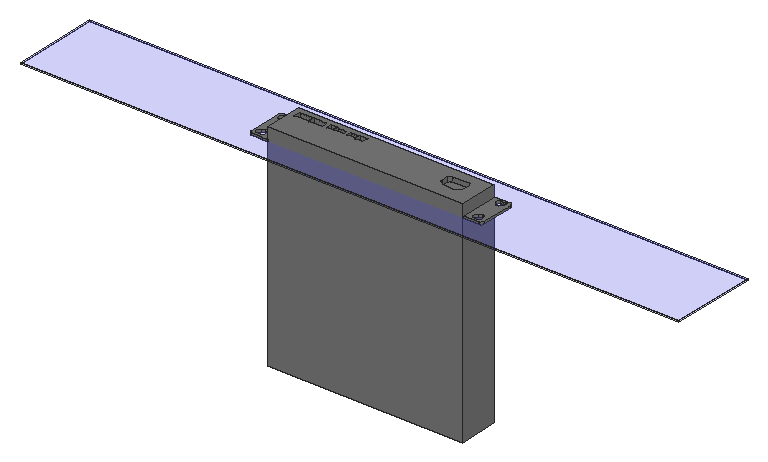
Revit family "QSC SPA2-200 Amplifier Rear Facing Rackmount", category Generic Models, host Face, Revit 2014
Parameters (values of type "SPA2-200 @ 100VAC")
  Width = 8.663"  # constant formula
  Weight Product (lb) = 4  # constant formula
  Weight Product (kg) = 1.4  # constant formula
  Weight Dimensional (lb) = 6.5  # constant formula
  Weight Dimensional (kg) = 2.5  # constant formula
  Voltage AC = "100-240 at 50-60 Hz"  # constant formula
  URL = "http://www.qsc.com/systems/products/power-amplifiers/energystar-amplifiers/spa-series/spa2-200/"
  Sustainability Rating = "Energy Star"  # constant formula
  Show Right Ear Short [instance] = yes
  Show Right Ear Long [instance] = no
  Show Left Ear Short [instance] = yes
  Show Left Ear Long [instance] = no
  Regulatory Compliance = "UL, CE, RoHS/WEEE, FCC Class B, UL 2043 with Plenum Kit Accessory"  # constant formula
  Product Page URL = "http://www.qsc.com/systems/products/power-amplifiers/energystar-amplifiers/spa-series/spa2-200/"
  Product Documentation Link = "http://www.qsc.com/resource-files/productresources/amp/spa/q_amp_spa_specs.pdf"
  Power Standby = 24  # constant formula
  Power Peak = 170
  Power Active = 130
  Model = "SPA2-200"  # constant formula
  Manufacturer URL = "http://www.qscaudio.com"
  Manufacturer = "QSC Audio Products, LLC"  # constant formula
  Height = 1.730"  # constant formula
  Heat Load Standby = 33  # constant formula
  Heat Load Active = 103  # constant formula
  Face Depth = 0.0788"
  Description = "2 Channel 200 Watt/Channel Amplifier"  # constant formula
  Depth = 9.48819"  # constant formula
  Default Elevation = 0.000"
  Current Draw = 1.7
  Enclosure Material [instance] = Dark Gray Finish
  Amp Only Width = 8.663"  # constant formula
Types (4): name | Power Peak | Power Active | Current Draw
  (no name) | 170 | 130 | 1.7
  SPA2-200 @ 100VAC | 170 | 130 | 1.7
  SPA2-200 @ 120VAC | 180 | 132 | 1.5
  SPA2-200 @ 230VAC | 184 | 184 | 0.8
Reference planes (in)
  plane 1 "Center (Front/Back)": y = 0
  plane 2: z = 0
  plane 3 "Center (Left/Right)": x = 0
  plane 4 "Left": x = -4.3315
  plane 5 "Right": x = 4.3315
  plane 6 "Top": y = 0.865
  plane 7 "Bottom": y = -0.865
  plane 8 "Back": z = -8.93019
  plane 9 "Right Extend Ear": x = 13.8135
  plane 10 "Left Extend Ear": x = -13.8135
  plane 11 "Left Short Ear": x = -5.1529
  plane 12 "Right Short Ear": x = 5.1529
  plane 13 "Front": z = 0.558
  plane 14: z = -4.18609
Forms (in)
  Extrusion 1, solid, material "Glass"
    sketch origin (0, 0, 0) x (1, 0, 0) y (0, 1, 0)
      loop
        line (-14.5, 1.9685) -> (-14.5, -1.88975) -> (14.73031, -1.88975) -> (14.73031, 1.9685) -> (-14.5, 1.9685)
    from 0 to -0.079
  Extrusion 2, solid, material "Dark Gray Finish" <- "Enclosure Material", visible <- "Show Left Ear Short"
    sketch origin (0, 0, 0) x (1, 0, 0) y (0, 1, 0)
      loop
        arc (-5.02784, 0.865) -> (-5.11623, 0.82839) -> (-5.1529, 0.74) r 0.125
        line (-5.1529, 0.74) -> (-5.15284, -0.74)
        arc (-5.15284, -0.74) -> (-5.11623, -0.82839) -> (-5.02784, -0.865) r 0.125
        line (-5.02784, -0.865) -> (-4.3315, -0.865) -> (-4.3315, 0.865) -> (-5.02784, 0.865)
      loop
        line (-4.7552, 0.76559) -> (-4.893, 0.76559)
        arc (-4.893, 0.76559) -> (-5.0266, 0.64002) -> (-4.90953, 0.4989) r 0.13386
        arc (-4.90953, 0.4989) -> (-4.8241, 0.41343) -> (-4.73867, 0.4989) r 0.08543
        arc (-4.73867, 0.4989) -> (-4.6216, 0.64002) -> (-4.7552, 0.76559) r 0.13386
      loop
        arc (-4.7552, -0.75213) -> (-4.6216, -0.62655) -> (-4.73867, -0.48543) r 0.13386
        arc (-4.73867, -0.48543) -> (-4.8241, -0.39996) -> (-4.90953, -0.48543) r 0.08543
        arc (-4.90953, -0.48543) -> (-5.0266, -0.62655) -> (-4.893, -0.75213) r 0.13386
        line (-4.893, -0.75213) -> (-4.7552, -0.75213)
    from 0 to 0.0788 <- "Face Depth"
  Extrusion 3, solid, material "Dark Gray Finish" <- "Enclosure Material", visible <- "Show Right Ear Short"
    sketch origin (0, 0, 0) x (-1, 0, 0) y (0, -1, 0)
      loop
        line (-5.02784, -0.865) -> (-4.3315, -0.865) -> (-4.3315, 0.865) -> (-5.02784, 0.865)
        arc (-5.02784, 0.865) -> (-5.11623, 0.82839) -> (-5.15284, 0.74) r 0.125
        line (-5.15284, 0.74) -> (-5.1529, -0.74)
        arc (-5.1529, -0.74) -> (-5.11623, -0.82839) -> (-5.02784, -0.865) r 0.125
      loop
        arc (-4.7552, -0.76559) -> (-4.6216, -0.64002) -> (-4.73867, -0.4989) r 0.13386
        arc (-4.73867, -0.4989) -> (-4.8241, -0.41343) -> (-4.90953, -0.4989) r 0.08543
        arc (-4.90953, -0.4989) -> (-5.0266, -0.64002) -> (-4.893, -0.76559) r 0.13386
        line (-4.893, -0.76559) -> (-4.7552, -0.76559)
      loop
        line (-4.7552, 0.75213) -> (-4.893, 0.75213)
        arc (-4.893, 0.75213) -> (-5.0266, 0.62655) -> (-4.90953, 0.48543) r 0.13386
        arc (-4.90953, 0.48543) -> (-4.8241, 0.39996) -> (-4.73867, 0.48543) r 0.08543
        arc (-4.73867, 0.48543) -> (-4.6216, 0.62655) -> (-4.7552, 0.75213) r 0.13386
    from 0 to 0.0788 <- "Face Depth"
  Extrusion 4, solid, material "Dark Gray Finish" <- "Enclosure Material", visible <- "Show Right Ear Long"
    sketch origin (0, 0, 0) x (-1, 0, 0) y (0, -1, 0)
      loop
        arc (-13.55582, -0.49787) -> (-13.68968, -0.63173) -> (-13.55582, -0.76559) r 0.13386
        line (-13.55582, -0.76559) -> (-13.41803, -0.76559)
        arc (-13.41803, -0.76559) -> (-13.28417, -0.63173) -> (-13.41803, -0.49787) r 0.13386
        line (-13.41803, -0.49787) -> (-13.55582, -0.49787)
      loop
        arc (-13.55582, 0.75213) -> (-13.68968, 0.61827) -> (-13.55582, 0.48441) r 0.13386
        line (-13.55582, 0.48441) -> (-13.41803, 0.48441)
        arc (-13.41803, 0.48441) -> (-13.28417, 0.61827) -> (-13.41803, 0.75213) r 0.13386
        line (-13.41803, 0.75213) -> (-13.55582, 0.75213)
      loop
        line (-13.8135, 0.74) -> (-13.8135, -0.74)
        arc (-13.8135, -0.74) -> (-13.77689, -0.82839) -> (-13.6885, -0.865) r 0.125
        line (-13.6885, -0.865) -> (-4.3315, -0.865) -> (-4.3315, 0.865) -> (-13.6885, 0.865)
        arc (-13.6885, 0.865) -> (-13.77689, 0.82839) -> (-13.8135, 0.74) r 0.125
    from 0 to 0.0788 <- "Face Depth"
  Extrusion 5, solid, material "Dark Gray Finish" <- "Enclosure Material", visible <- "Show Left Ear Long"
    sketch origin (0, 0, 0) x (1, 0, 0) y (0, 1, 0)
      loop
        line (-13.55582, 0.49787) -> (-13.41803, 0.49787)
        arc (-13.41803, 0.49787) -> (-13.28417, 0.63173) -> (-13.41803, 0.76559) r 0.13386
        line (-13.41803, 0.76559) -> (-13.55582, 0.76559)
        arc (-13.55582, 0.76559) -> (-13.68968, 0.63173) -> (-13.55582, 0.49787) r 0.13386
      loop
        line (-13.55582, -0.75213) -> (-13.41803, -0.75213)
        arc (-13.41803, -0.75213) -> (-13.28417, -0.61827) -> (-13.41803, -0.48441) r 0.13386
        line (-13.41803, -0.48441) -> (-13.55582, -0.48441)
        arc (-13.55582, -0.48441) -> (-13.68968, -0.61827) -> (-13.55582, -0.75213) r 0.13386
      loop
        arc (-13.8135, -0.74) -> (-13.77689, -0.82839) -> (-13.6885, -0.865) r 0.125
        line (-13.6885, -0.865) -> (-4.3315, -0.865) -> (-4.3315, 0.865) -> (-13.6885, 0.865)
        arc (-13.6885, 0.865) -> (-13.77689, 0.82839) -> (-13.8135, 0.74) r 0.125
        line (-13.8135, 0.74) -> (-13.8135, -0.74)
    from 0 to 0.0788 <- "Face Depth"
  Extrusion 6, solid, material "Dark Gray Finish" <- "Enclosure Material"
    sketch origin (0, -0.865, -9.33059) x (-1, 0, 0) y (0, 0, 1)
      loop
        line (4.3315, 0.4004) -> (4.3315, 9.88859) -> (-4.3315, 9.88859) -> (-4.3315, 0.4004) -> (4.3315, 0.4004)
    from 0 to 1.73 <- "Height"
  Extrusion 7, void
    sketch origin (-16.617, -180, 0.558) x (0, -1, 0) y (-1, 0, 0)
      loop
        line (-180.64625, -12.48598) -> (-180.64625, -13.09621) -> (-180.33317, -13.09621) -> (-180.33317, -12.48598) -> (-180.64625, -12.48598)
      loop
        line (-180.33317, -13.74582) -> (-180.33317, -13.13558) -> (-180.64625, -13.13558) -> (-180.64625, -13.74582) -> (-180.33317, -13.74582)
      loop
        line (-180.40133, -13.88153) -> (-180.63567, -13.88153) -> (-180.63567, -14.14216) -> (-180.40133, -14.14216) -> (-180.40133, -13.88153)
      loop
        line (-180.63567, -14.62956) -> (-180.40133, -14.62956) -> (-180.40133, -14.18153) -> (-180.63567, -14.18153) -> (-180.63567, -14.62956)
      loop
        line (-180.40133, -14.7585) -> (-180.63567, -14.7585) -> (-180.63567, -15.11283) -> (-180.40133, -15.11283) -> (-180.40133, -14.7585)
      loop
        line (-180.63567, -15.50653) -> (-180.40133, -15.50653) -> (-180.40133, -15.1522) -> (-180.63567, -15.1522) -> (-180.63567, -15.50653)
      loop
        line (-180.39444, -19.45244) -> (-180.39444, -20.20139)
        arc (-180.39444, -20.20139) -> (-180.36012, -20.28426) -> (-180.27725, -20.31858) r 0.11719
        line (-180.27725, -20.31858) -> (-179.95436, -20.31858)
        arc (-179.95436, -20.31858) -> (-179.92446, -20.31263) -> (-179.89912, -20.2957) r 0.07813
        line (-179.89912, -20.2957) -> (-179.74803, -20.14461)
        arc (-179.74803, -20.14461) -> (-179.73109, -20.11927) -> (-179.72515, -20.08937) r 0.07813
        line (-179.72515, -20.08937) -> (-179.72515, -19.56354)
        arc (-179.72515, -19.56354) -> (-179.73109, -19.53364) -> (-179.74803, -19.5083) r 0.07813
        line (-179.74803, -19.5083) -> (-179.89912, -19.35721)
        arc (-179.89912, -19.35721) -> (-179.92446, -19.34028) -> (-179.95436, -19.33433) r 0.07813
        line (-179.95436, -19.33433) -> (-180.27633, -19.33433)
        arc (-180.27633, -19.33433) -> (-180.35985, -19.36892) -> (-180.39444, -19.45244) r 0.11811
    from 0 to 0.19685
  Extrusion 8, void
    sketch origin (0, 0, -8.93019) x (1, 0, 0) y (0, 1, 0)
      loop
        line (-0.1475, 0.55192) -> (-3.85217, 0.55192)
        arc (-3.85217, 0.55192) -> (-3.96265, 0.50615) -> (-4.00842, 0.39567) r 0.15625
        line (-4.00842, 0.39567) -> (-4.00842, 0.03888)
        arc (-4.00842, 0.03888) -> (-3.96265, -0.07161) -> (-3.85217, -0.11737) r 0.15625
        line (-3.85217, -0.11737) -> (-0.1475, -0.11737)
        arc (-0.1475, -0.11737) -> (-0.03701, -0.07161) -> (0.00875, 0.03888) r 0.15625
        line (0.00875, 0.03888) -> (0.00875, 0.39567)
        arc (0.00875, 0.39567) -> (-0.03701, 0.50615) -> (-0.1475, 0.55192) r 0.15625
    from 0 to 0.079
Cuts and joins
  Extrusion 7, Extrusion 8 cuts Extrusion 6
Lines and regions (in)
  model lines, style "GenericModel", not visible, detail levels fine
    curve 1: line (13.55599, -1.01274, 0.03125) -> (13.46873, -0.89778, 0.03125)
    curve 2: line (13.46873, -0.89778, 0.03125) -> (13.55599, -1.01274, 0.03125)
    curve 3: line (13.15237, -0.99839, 0.03125) -> (13.18534, -0.8798, 0.03125)
    curve 4: line (13.18534, -0.8798, 0.03125) -> (13.15237, -0.99839, 0.03125)
    curve 5: line (13.20744, -1.07691, 0.03125) -> (13.18283, -0.85745, 0.03125)
    curve 6: line (13.18283, -0.85745, 0.03125) -> (13.20744, -1.07691, 0.03125)
    curve 7: line (13.67283, -0.92336, 0.03125) -> (13.75064, -0.98053, 0.03125)
    curve 8: line (13.75064, -0.98053, 0.03125) -> (13.67283, -0.92336, 0.03125)
    curve 17: line (-3.35339, 0.42119, 0) -> (-3.44988, 0.54832, 0)
    curve 18: line (-3.44988, 0.54832, 0) -> (-3.35339, 0.42119, 0)
    curve 19: line (-3.7997, 0.43707, 0) -> (-3.76325, 0.5682, 0)
    curve 20: line (-3.76325, 0.5682, 0) -> (-3.7997, 0.43707, 0)
    curve 21: line (-3.73881, 0.35024, 0) -> (-3.76602, 0.59291, 0)
    curve 22: line (-3.76602, 0.59291, 0) -> (-3.73881, 0.35024, 0)
    curve 23: line (-3.22419, 0.52002, 0) -> (-3.13815, 0.45681, 0)
    curve 24: line (-3.13815, 0.45681, 0) -> (-3.22419, 0.52002, 0)
    curve 29: line (0.11657, 3.50981, -0.4004) -> (0.02008, 3.63693, -0.4004)
    curve 30: line (0.02008, 3.63693, -0.4004) -> (0.11657, 3.50981, -0.4004)
    curve 31: line (-0.32975, 3.52568, -0.4004) -> (-0.29329, 3.65681, -0.4004)
    curve 32: line (-0.29329, 3.65681, -0.4004) -> (-0.32975, 3.52568, -0.4004)
    curve 33: line (-0.26886, 3.43885, -0.4004) -> (-0.29607, 3.68153, -0.4004)
    curve 34: line (-0.29607, 3.68153, -0.4004) -> (-0.26886, 3.43885, -0.4004)
    curve 35: line (0.24577, 3.60864, -0.4004) -> (0.33181, 3.54542, -0.4004)
    curve 36: line (0.33181, 3.54542, -0.4004) -> (0.24577, 3.60864, -0.4004)
    curve 37: line (-3.35339, 0.42119, -8.93019) -> (-3.44988, 0.54832, -8.93019)
    curve 38: line (-3.44988, 0.54832, -8.93019) -> (-3.35339, 0.42119, -8.93019)
    curve 39: line (-3.7997, 0.43707, -8.93019) -> (-3.76325, 0.5682, -8.93019)
    curve 40: line (-3.76325, 0.5682, -8.93019) -> (-3.7997, 0.43707, -8.93019)
    curve 41: line (-3.73881, 0.35024, -8.93019) -> (-3.76602, 0.59291, -8.93019)
    curve 42: line (-3.76602, 0.59291, -8.93019) -> (-3.73881, 0.35024, -8.93019)
    curve 43: line (-3.22419, 0.52002, -8.93019) -> (-3.13815, 0.45681, -8.93019)
    curve 44: line (-3.13815, 0.45681, -8.93019) -> (-3.22419, 0.52002, -8.93019)
  model lines, not visible
    curve 9: arc (-4.09496, -0.0625, 1.79211) -> (-3.79966, 0.2328, 1.79211) -> (-3.50436, -0.0625, 1.79211) r 0.2953
    curve 10: arc (-3.50436, -0.0625, 1.79211) -> (-3.79966, -0.3578, 1.79211) -> (-4.09496, -0.0625, 1.79211) r 0.2953
    curve 11: arc (2.90932, 0.1875, 1.79211) -> (3.51952, 0.7977, 1.79211) -> (4.12972, 0.1875, 1.79211) r 0.6102
    curve 12: arc (4.12972, 0.1875, 1.79211) -> (3.51952, -0.4227, 1.79211) -> (2.90932, 0.1875, 1.79211) r 0.6102
    curve 13: line (2.1373, 0.9632, 1.79211) -> (2.1373, -0.8138, 1.79211)
    curve 14: line (2.1373, -0.8138, 1.79211) -> (-0.6525, -0.8138, 1.79211)
    curve 15: line (-0.6525, -0.8138, 1.79211) -> (-0.6525, 0.9632, 1.79211)
    curve 16: line (-0.6525, 0.9632, 1.79211) -> (2.1373, 0.9632, 1.79211)
    curve 25: line (-0.04, 0.55192, 0) -> (3.97575, 0.55192, 0)
    curve 26: line (-0.04, -0.11737, 0) -> (-0.04, 0.55192, 0)
    curve 27: line (3.97575, -0.11737, 0) -> (-0.04, -0.11737, 0)
    curve 28: line (3.97575, 0.55192, 0) -> (3.97575, -0.11737, 0)
  model lines, style "GenericModel", detail levels fine
    curve 45: line (3.29089, 0.35869, -8.93019) -> (3.38738, 0.48582, -8.93019)
    curve 46: line (3.38738, 0.48582, -8.93019) -> (3.29089, 0.35869, -8.93019)
    curve 47: line (3.7372, 0.37457, -8.93019) -> (3.70075, 0.5057, -8.93019)
    curve 48: line (3.70075, 0.5057, -8.93019) -> (3.7372, 0.37457, -8.93019)
    curve 49: line (3.67631, 0.28774, -8.93019) -> (3.70352, 0.53041, -8.93019)
    curve 50: line (3.70352, 0.53041, -8.93019) -> (3.67631, 0.28774, -8.93019)
    curve 51: line (3.16169, 0.45752, -8.93019) -> (3.07565, 0.39431, -8.93019)
    curve 52: line (3.07565, 0.39431, -8.93019) -> (3.16169, 0.45752, -8.93019)
Dimensions and locks (in)
  equal spacing: plane 6 "Top", plane 1 "Center (Front/Back)", plane 7 "Bottom"
  "Height": plane 6 "Top" to plane 7 "Bottom"
  equal spacing: plane 4 "Left", plane 3 "Center (Left/Right)", plane 5 "Right"
  "Width": plane 4 "Left" to plane 5 "Right"
  plane 4 "Left" to plane 5 "Right" = 8.663"
  plane 5 "Right" to plane 9 "Right Extend Ear" = 9.482"
  plane 10 "Left Extend Ear" to plane 4 "Left" = 9.482"
  plane 11 "Left Short Ear" to plane 4 "Left" = 0.8214"
  plane 5 "Right" to plane 12 "Right Short Ear" = 0.8214"
  equal spacing: plane 13 "Front", plane 14, plane 8 "Back"
  plane 13 "Front" to plane 2 = 0.558"
  "Depth": plane 13 "Front" to plane 8 "Back"
  aligned and locked: plane 2 to Extrusion 1
  aligned and locked: level to Extrusion 1
  aligned and locked: Extrusion 2 sketch curve to plane 6 "Top"
  aligned and locked: plane 11 "Left Short Ear" to Extrusion 2 sketch curve
  aligned and locked: plane 9 "Right Extend Ear" to Extrusion 4 sketch curve
  aligned and locked: Extrusion 4 sketch curve to plane 7 "Bottom"
  aligned and locked: Extrusion 4 sketch curve to plane 6 "Top"
Automatic sketch dimensions
  curve 26 to curve 27 = 4.01575"
  curve 27 to curve 25 = 0.66929"
  curve 23 to curve 24 = 0.000"  (x3)
  curve 24 to curve 23 = 0.08604"
  curve 18 to curve 23 = 0.1292"
  curve 17 to curve 18 = 0.000"  (x2)
  curve 17 to curve 18 = 0.09649"
  curve 18 to curve 17 = 0.000"  (x2)
  curve 21 to curve 17 = 0.28894"
  curve 22 to curve 21 = 0.000"  (x2)
  curve 20 to curve 21 = 0.02444"
  curve 19 to curve 20 = 0.000"  (x2)
  curve 22 to curve 19 = 0.00277"
  curve 21 to curve 22 = 0.000"  (x2)
  curve 19 to curve 21 = 0.06089"
  curve 20 to curve 19 = 0.000"
  curve 22 to curve 18 = 0.07095"
  curve 21 to curve 20 = 0.08683"
  curve 17 to curve 23 = 0.03562"
  curve 24 to curve 23 = 0.000"
  curve 23 to curve 24 = 0.06321"
  curve 18 to curve 17 = 0.12712"
  curve 20 to curve 20 = 0.13113"
  curve 24 to curve 25 = 3.09814"
  curve 22 to curve 25 = 0.20168"
  curve 33 to curve 34 = 0.000"  (x2)
  curve 29 to curve 33 = 0.38542"
  curve 30 to curve 29 = 0.000"  (x3)
  curve 33 to curve 32 = 0.06089"
  curve 31 to curve 32 = 0.000"  (x3)
  curve 35 to curve 29 = 0.21524"
  curve 36 to curve 35 = 0.000"  (x2)
  curve 35 to curve 35 = 0.08604"
  curve 29 to curve 29 = 0.09649"
  curve 31 to curve 34 = 0.00277"
  curve 31 to curve 33 = 0.15585"
  curve 34 to curve 33 = 0.000"  (x2)
  curve 31 to curve 33 = 0.02471"
  curve 32 to curve 31 = 0.000"
  curve 33 to curve 31 = 0.08683"
  curve 30 to curve 31 = 0.01989"
  curve 29 to curve 30 = 0.000"
  curve 29 to curve 29 = 0.12712"
  curve 29 to curve 36 = 0.09883"
  curve 35 to curve 36 = 0.000"  (x2)
  curve 36 to curve 35 = 0.06321"
  curve 43 to curve 44 = 0.000"
  curve 43 to curve 43 = 0.08604"
  curve 44 to curve 43 = 0.000"  (x3)
  curve 43 to curve 38 = 0.1292"
  curve 37 to curve 38 = 0.000"  (x3)
  curve 38 to curve 37 = 0.09649"
  curve 38 to curve 37 = 0.000"
  curve 37 to curve 42 = 0.28894"
  curve 41 to curve 42 = 0.000"  (x2)
  curve 41 to curve 40 = 0.02444"
  curve 39 to curve 40 = 0.000"  (x2)
  curve 39 to curve 41 = 0.00277"
  curve 42 to curve 41 = 0.000"  (x2)
  curve 41 to curve 40 = 0.06089"
  curve 42 to curve 40 = 0.02471"
  curve 39 to curve 38 = 0.01989"
  curve 37 to curve 43 = 0.02829"
  curve 44 to curve 43 = 0.06321"
  curve 40 to curve 39 = 0.000"
  curve 37 to curve 38 = 0.12712"
  curve 39 to curve 41 = 0.08683"
  curve 51 to curve 52 = 0.000"
  curve 51 to curve 51 = 0.08604"
  curve 52 to curve 51 = 0.000"  (x3)
  curve 51 to curve 46 = 0.1292"
  curve 45 to curve 46 = 0.000"  (x3)
  curve 46 to curve 45 = 0.09649"
  curve 46 to curve 45 = 0.000"
  curve 45 to curve 50 = 0.28894"
  curve 49 to curve 50 = 0.000"  (x2)
  curve 49 to curve 48 = 0.02444"
  curve 47 to curve 48 = 0.000"  (x2)
  curve 47 to curve 49 = 0.00277"
  curve 50 to curve 49 = 0.000"  (x2)
  curve 49 to curve 48 = 0.06089"
  curve 48 to curve 50 = 0.02471"
  curve 46 to curve 47 = 0.01989"
  curve 51 to curve 45 = 0.02829"
  curve 51 to curve 52 = 0.06321"
  curve 48 to curve 47 = 0.000"
  curve 46 to curve 45 = 0.12712"
  curve 49 to curve 47 = 0.08683"
  Extrusion 1 sketch curve to Extrusion 1 sketch curve = 29.23031"
  Extrusion 1 sketch curve to Extrusion 1 sketch curve = 3.85825"
  Extrusion 2 sketch curve to plane 7 "Bottom" = 0.000"
  Extrusion 2 sketch curve to plane 4 "Left" = 0.000"
  plane 11 "Left Short Ear" to Extrusion 2 sketch curve = 0.12506"  (x2)
  Extrusion 2 sketch curve to Extrusion 2 sketch curve = 0.13484"  (x2)
  Extrusion 2 sketch curve to Extrusion 2 sketch curve = 0.0689"  (x2)
  Extrusion 2 sketch curve to Extrusion 2 sketch curve = 0.1378"  (x2)
  plane 7 "Bottom" to Extrusion 2 sketch curve = 0.11287"
  plane 7 "Bottom" to Extrusion 2 sketch curve = 0.125"
  Extrusion 2 sketch curve to Extrusion 2 sketch curve = 0.13386"  (x2)
  Extrusion 2 sketch curve to Extrusion 2 sketch curve = 0.13287"  (x2)
  Extrusion 2 sketch curve to plane 6 "Top" = 0.36614"
  Extrusion 2 sketch curve to Extrusion 2 sketch curve = 0.000"  (x3)
  Extrusion 2 sketch curve to Extrusion 2 sketch curve = 0.125"
  Extrusion 2 sketch curve to plane 6 "Top" = 0.09941"
  Extrusion 2 sketch curve to Extrusion 2 sketch curve = 0.08543"  (x2)
  Extrusion 3 sketch curve to plane 12 "Right Short Ear" = 0.000"
  Extrusion 3 sketch curve to plane 7 "Bottom" = 0.000"
  Extrusion 3 sketch curve to plane 6 "Top" = 0.000"
  Extrusion 3 sketch curve to plane 5 "Right" = 0.000"
  plane 12 "Right Short Ear" to Extrusion 3 sketch curve = 0.12506"  (x2)
  Extrusion 3 sketch curve to Extrusion 3 sketch curve = 0.13484"  (x2)
  Extrusion 3 sketch curve to Extrusion 3 sketch curve = 0.0689"  (x2)
  Extrusion 3 sketch curve to Extrusion 3 sketch curve = 0.1378"  (x2)
  Extrusion 3 sketch curve to plane 7 "Bottom" = 0.11287"
  Extrusion 3 sketch curve to Extrusion 3 sketch curve = 0.125"
  Extrusion 3 sketch curve to Extrusion 3 sketch curve = 0.13386"  (x2)
  Extrusion 3 sketch curve to Extrusion 3 sketch curve = 0.13287"  (x2)
  plane 6 "Top" to Extrusion 3 sketch curve = 0.36614"
  Extrusion 3 sketch curve to Extrusion 3 sketch curve = 0.000"  (x3)
  plane 6 "Top" to Extrusion 3 sketch curve = 0.125"
  plane 6 "Top" to Extrusion 3 sketch curve = 0.09941"
  Extrusion 3 sketch curve to Extrusion 3 sketch curve = 0.08543"  (x2)
  Extrusion 4 sketch curve to plane 5 "Right" = 0.000"
  plane 9 "Right Extend Ear" to Extrusion 4 sketch curve = 0.125"
  Extrusion 4 sketch curve to Extrusion 4 sketch curve = 0.125"
  Extrusion 4 sketch curve to Extrusion 4 sketch curve = 0.13268"  (x2)
  Extrusion 4 sketch curve to Extrusion 4 sketch curve = 0.1378"  (x2)
  Extrusion 4 sketch curve to plane 7 "Bottom" = 0.11287"
  Extrusion 4 sketch curve to Extrusion 4 sketch curve = 0.13386"  (x2)
  Extrusion 4 sketch curve to Extrusion 4 sketch curve = 0.24213"
  Extrusion 5 sketch curve to plane 10 "Left Extend Ear" = 0.000"
  Extrusion 5 sketch curve to plane 6 "Top" = 0.000"
  Extrusion 5 sketch curve to plane 7 "Bottom" = 0.000"
  Extrusion 5 sketch curve to plane 4 "Left" = 0.000"
  plane 10 "Left Extend Ear" to Extrusion 5 sketch curve = 0.125"
  Extrusion 5 sketch curve to Extrusion 5 sketch curve = 0.125"
  Extrusion 5 sketch curve to Extrusion 5 sketch curve = 0.13268"  (x2)
  Extrusion 5 sketch curve to Extrusion 5 sketch curve = 0.1378"  (x2)
  plane 7 "Bottom" to Extrusion 5 sketch curve = 0.11287"
  Extrusion 5 sketch curve to Extrusion 5 sketch curve = 0.13386"  (x2)
  Extrusion 5 sketch curve to Extrusion 5 sketch curve = 0.24213"
  Extrusion 6 sketch curve to plane 5 "Right" = 0.000"
  Extrusion 6 sketch curve to plane 4 "Left" = 0.000"
  Extrusion 6 sketch curve to plane 8 "Back" = 0.000"
  Extrusion 6 sketch curve to plane 13 "Front" = 0.000"
  plane 4 "Left" to Extrusion 8 sketch curve = 0.32308"
  plane 1 "Center (Front/Back)" to Extrusion 8 sketch curve = 0.11737"
  Extrusion 8 sketch curve to Extrusion 8 sketch curve = 0.15625"  (x2)
  Extrusion 8 sketch curve to plane 3 "Center (Left/Right)" = 0.1475"  (x2)
  plane 3 "Center (Left/Right)" to Extrusion 8 sketch curve = 0.00875"
  Extrusion 8 sketch curve to Extrusion 8 sketch curve = 0.35679"
  Extrusion 7 sketch curve to plane 6 "Top" = 0.21875"
  Extrusion 7 sketch curve to Extrusion 7 sketch curve = 0.000"  (x5)
  Extrusion 7 sketch curve to plane 6 "Top" = 0.22933"  (x2)
  Extrusion 7 sketch curve to Extrusion 7 sketch curve = 0.23434"  (x3)
  Extrusion 7 sketch curve to plane 1 "Center (Front/Back)" = 0.39444"
  Extrusion 7 sketch curve to Extrusion 7 sketch curve = 0.31308"
  Extrusion 7 sketch curve to Extrusion 7 sketch curve = 0.11719"
  Extrusion 7 sketch curve to Extrusion 7 sketch curve = 0.11811"
  plane 1 "Center (Front/Back)" to Extrusion 7 sketch curve = 0.04564"  (x2)
  Extrusion 7 sketch curve to Extrusion 7 sketch curve = 0.05524"  (x4)
  plane 1 "Center (Front/Back)" to Extrusion 7 sketch curve = 0.19673"  (x2)
  Extrusion 7 sketch curve to Extrusion 7 sketch curve = 0.02288"  (x2)
  plane 4 "Left" to Extrusion 7 sketch curve = 0.20047"
  Extrusion 7 sketch curve to Extrusion 7 sketch curve = 0.61024"  (x2)
  Extrusion 7 sketch curve to Extrusion 7 sketch curve = 0.03937"  (x3)
  Extrusion 7 sketch curve to Extrusion 7 sketch curve = 0.13571"
  Extrusion 7 sketch curve to Extrusion 7 sketch curve = 0.12894"
  Extrusion 7 sketch curve to Extrusion 7 sketch curve = 0.35433"  (x2)
  Extrusion 7 sketch curve to plane 5 "Right" = 1.61417"
  Extrusion 7 sketch curve to Extrusion 7 sketch curve = 0.15109"
  Extrusion 7 sketch curve to Extrusion 7 sketch curve = 0.52583"
  Extrusion 7 sketch curve to Extrusion 7 sketch curve = 0.11202"
  Extrusion 7 sketch curve to Extrusion 7 sketch curve = 0.07812"
  Extrusion 7 sketch curve to Extrusion 7 sketch curve = 0.26063"
  Extrusion 7 sketch curve to Extrusion 7 sketch curve = 0.44803"
  curve 32 to curve 31 = 0.03645"
Connectors (in)
  electrical at (3.20953, -0.00035, 0.36115)
    settings: on cut or joined group of Extrusion 6, Extrusion 7, Extrusion 8, index 1, voltage 0 V, apparent load 0 VA, apparent load phase1 0 VA, apparent load phase2 0 VA, apparent load phase3 0 VA, power factor 1, load classification "Other", number of poles 1, system type 31, power factor state 1, is connector primary yes, connector utility no, sub classification motor no, connector description ""
  electrical at (-3.82591, 0.48971, 0.36115)
    settings: on cut or joined group of Extrusion 6, Extrusion 7, Extrusion 8, index 2, voltage 0 V, apparent load 0 VA, apparent load phase1 0 VA, apparent load phase2 0 VA, apparent load phase3 0 VA, power factor 1, load classification "Other", number of poles 1, system type 14, power factor state 1, is connector primary no, connector utility no, sub classification motor no, connector description "Output 1"
  electrical at (-3.1763, 0.48971, 0.36115)
    settings: on cut or joined group of Extrusion 6, Extrusion 7, Extrusion 8, index 3, voltage 0 V, apparent load 0 VA, apparent load phase1 0 VA, apparent load phase2 0 VA, apparent load phase3 0 VA, power factor 1, load classification "Other", number of poles 1, system type 14, power factor state 1, is connector primary no, connector utility no, sub classification motor no, connector description "Output 2"
  electrical at (-3.82591, 0.48971, 0.36115)
    settings: on cut or joined group of Extrusion 6, Extrusion 7, Extrusion 8, index 4, voltage 0 V, apparent load 0 VA, apparent load phase1 0 VA, apparent load phase2 0 VA, apparent load phase3 0 VA, power factor 1, load classification "Other", number of poles 1, system type 14, power factor state 1, is connector primary no, connector utility no, sub classification motor no, connector description "Output 3"
  electrical at (-3.82591, 0.48971, 0.36115)
    settings: on cut or joined group of Extrusion 6, Extrusion 7, Extrusion 8, index 5, voltage 0 V, apparent load 0 VA, apparent load phase1 0 VA, apparent load phase2 0 VA, apparent load phase3 0 VA, power factor 1, load classification "Other", number of poles 1, system type 14, power factor state 1, is connector primary no, connector utility no, sub classification motor no, connector description "Output 4"
  electrical at (-2.60516, 0.5185, 0.36115)
    settings: on cut or joined group of Extrusion 6, Extrusion 7, Extrusion 8, index 6, voltage 0 V, apparent load 0 VA, apparent load phase1 0 VA, apparent load phase2 0 VA, apparent load phase3 0 VA, power factor 1, load classification "Other", number of poles 1, system type 14, power factor state 1, is connector primary no, connector utility no, sub classification motor no, connector description "Ch 1&2 Standby Control"
  electrical at (-2.21146, 0.5185, 0.36115)
    settings: on cut or joined group of Extrusion 6, Extrusion 7, Extrusion 8, index 7, voltage 0 V, apparent load 0 VA, apparent load phase1 0 VA, apparent load phase2 0 VA, apparent load phase3 0 VA, power factor 1, load classification "Other", number of poles 1, system type 14, power factor state 1, is connector primary no, connector utility no, sub classification motor no, connector description "Ch 1&2 Volume Control"
  electrical at (-3.82591, 0.48971, 0.36115)
    settings: on cut or joined group of Extrusion 6, Extrusion 7, Extrusion 8, index 8, voltage 0 V, apparent load 0 VA, apparent load phase1 0 VA, apparent load phase2 0 VA, apparent load phase3 0 VA, power factor 1, load classification "Other", number of poles 1, system type 14, power factor state 1, is connector primary no, connector utility no, sub classification motor no, connector description "Ch 3&4 Standby Control"
  electrical at (-3.82591, 0.48971, 0.36115)
    settings: on cut or joined group of Extrusion 6, Extrusion 7, Extrusion 8, index 9, voltage 0 V, apparent load 0 VA, apparent load phase1 0 VA, apparent load phase2 0 VA, apparent load phase3 0 VA, power factor 1, load classification "Other", number of poles 1, system type 14, power factor state 1, is connector primary no, connector utility no, sub classification motor no, connector description "Ch 3&4 Volume Control"
  electrical at (-1.68134, 0.5185, 0.36115)
    settings: on cut or joined group of Extrusion 6, Extrusion 7, Extrusion 8, index 10, voltage 0 V, apparent load 0 VA, apparent load phase1 0 VA, apparent load phase2 0 VA, apparent load phase3 0 VA, power factor 1, load classification "Other", number of poles 1, system type 14, power factor state 1, is connector primary no, connector utility no, sub classification motor no, connector description "Input 1"
  electrical at (-1.28764, 0.5185, 0.36115)
    settings: on cut or joined group of Extrusion 6, Extrusion 7, Extrusion 8, index 11, voltage 0 V, apparent load 0 VA, apparent load phase1 0 VA, apparent load phase2 0 VA, apparent load phase3 0 VA, power factor 1, load classification "Other", number of poles 1, system type 14, power factor state 1, is connector primary no, connector utility no, sub classification motor no, connector description "Input 2"
  electrical at (-3.82591, 0.48971, 0.36115)
    settings: on cut or joined group of Extrusion 6, Extrusion 7, Extrusion 8, index 12, voltage 0 V, apparent load 0 VA, apparent load phase1 0 VA, apparent load phase2 0 VA, apparent load phase3 0 VA, power factor 1, load classification "Other", number of poles 1, system type 14, power factor state 1, is connector primary no, connector utility no, sub classification motor no, connector description "Input 4"
  electrical at (-3.82591, 0.48971, 0.36115)
    settings: on cut or joined group of Extrusion 6, Extrusion 7, Extrusion 8, index 13, voltage 0 V, apparent load 0 VA, apparent load phase1 0 VA, apparent load phase2 0 VA, apparent load phase3 0 VA, power factor 1, load classification "Other", number of poles 1, system type 14, power factor state 1, is connector primary no, connector utility no, sub classification motor no, connector description "Input 3"
